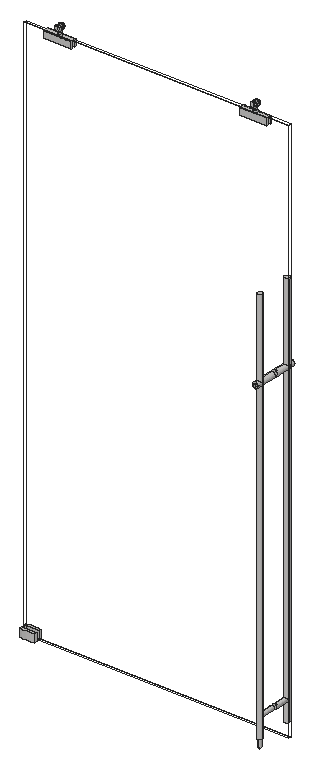
Revit family "Doors_Sliding_Avanti_Systems_Cloud-Assisted-Close-Premium-Sliding-Glass-Door_Soffit-Mount-Dbl-Glazed", category Doors, Revit 2015
Parameters (values of type "Load Family Type Catalog")
  Youtube clip = ""
  Weight Net (Kg) = "0"
  Warranty = "1 year"  # constant formula
  Uniformat II Description = "Interior Doors"
  Uniformat II Code = "C1020"
  Uniclass 2015 Name = "Sliding door and partition sets"
  Uniclass 2015 Code = "Pr_30_59_24_80"
  Uniclass 2.0 Description = "Sliding Door And Partition Sets"
  Uniclass 2.0 Code = "PR-59-23-77"
  Uniclass 1.4 Description = "Doors"
  Uniclass 1.4 Code = "JL20"
  URL = "https://www.avantisystemsusa.com"
  UNSPSC Code = "30171501"
  Type = 3
  Thickness = if(Type = 1, 1/2", if(Type = 2, 3/8", if(Type = 3, 9/16", 9/16")))  # 9/16"
  Technical description = ""
  Sound Rating = 0
  Region South America = "All"
  Region Oceania = "All"
  Region North America = "All"
  Region Middle East = "All"
  Region Europe = "All"
  Region Asia = "All"
  Region Antarctica = "All"
  Region Africa = "All"
  Rail Width [instance] = (Opening Width * 2) + 6 5/16"  # 80 5/16"
  QR code = "http://bimobject.com/avantisystems/product/avanti-cloud-assisted-close"
  Product url = "https://www.avantisystemsusa.com/glass-products/doors/sliding-doors/assisted-close/"
  Product group = "Assisted Close"
  Product family = "Sliding Doors"
  Product data url = "https://bimobject.com/avantisystems/product/avanti-cloud-assisted-close"
  Product certification = ""
  Product SKU = "avanti-cloud-assisted-close"
  Product Guid = "9d9dc9e6-079c-47eb-8ec1-d69015d0589f"
  Opening Width [instance] = 37"
  OmniClass Description = "Sliding All Glass Doors"
  OmniClass Code = "23-17 11 23 13"
  Nominal width = 0"
  Nominal height = 0"
  NBS Reference Description = "Sliding Door And Partition Sets"
  NBS Reference Code = "59-23-77"
  Model = "Cloud ™ Assisted Close Premium Sliding Glass Door"  # constant formula
  Material secondary = "Aluminium"
  Material main = "Glass"
  Masterformat 2014 Description = "Sliding Aluminum-Framed Glass Doors"
  Masterformat 2014 Code = "08 32 13"
  Manufacturer name = "Avanti Systems"
  Manufacturer country = ""
  Manufacturer = "Avanti Systems USA"  # constant formula
  Lock = "Thumb turn floor lock with a key"
  Ladder Pull Height = 18"
  LEED compatibility = "YES"
  Installation instructions = ""
  IFC Classification = "Door"
  Hardware material [instance] = Stainless Steel - Avanti- Brushed Finish
  Handle type [instance] = Handle : 60" Ladder Pull
  Glazing = "Safety Glazing SGCC"
  Glass Width [instance] = 40"
  Glass Material = Glass - Avanti -  Low Iron
  Glass Marker = yes
  Glass Height [instance] = 82.02201"
  Gap Thickness = if(Type = 1, 25/64", if(Type = 2, 33/64", if(Type = 3, 21/64", 21/64")))  # 21/64"
  Function = Interior
  Edition number = 1
  EAN code = ""
  Design country = "United States"
  Description = "Premium automated interior sliding glass door which can be integrated int the Solare Single Glazed, Solare Double Glazed, Elite Frree standing and a solid traditional wall."  # constant formula
  Date of publishing = ""
  Clear Anodic Finish = "AAMA 611, AA-M12c22A31, Class II, 0.01mm or thicker"
  COBIe Type Category = ""
  Brand url = "http://www.avantisystemsusa.com/"
  BIMobject main category code = "doors"
  BIMobject main category = "Doors"
  BIMobject category code = "doors-sliding"
  BIMobject category = "Sliding"
  Analytic Construction = "<None>"
Reference planes (in)
  plane 1 "Center (Front/Back)": y = 0
  plane 2: z = 0
  plane 3 "Center (Left/Right)": x = 3.24894
  plane 4: x = -15.25106
  plane 5: x = 21.74894
  plane 6 "Top": z = 84
  plane 7 "Curtain_wall_center": y = 1.6961
  plane 8 "Curtain_wall_exterior": y = 1.97735
  plane 9 "Curtain_wall_interior": y = 1.41485
  plane 10 "Doors_exterior": y = 2.86798
  plane 11 "Doors_center": y = 2.58673
  plane 12 "Doors_interior": y = 2.30548
  plane 13 "Door_offset_left": x = -16.75106
  plane 14 "Door_offset_right": x = 23.24894
  plane 15 "Handle_placement_top": z = 18
  plane 16 "Handle_placement_level": x = 20.74894
  plane 17: x = -14.76823
  plane 18: z = 0.15191
  plane 19: x = 17.99894
  plane 20: x = -11.50106
  plane 21: z = 42
  plane 22: z = 84.84375
  plane 23: z = 83.01767
Forms (in)
  Extrusion 1, solid, material "Glass - Avanti -  Low Iron" <- "Glass Material"
    sketch origin (0, 0, 0) x (1, 0, 0) y (0, 1, 0)
      loop
        line (-16.75106, 2.86798) -> (-16.75106, 2.30548) -> (23.24894, 2.30548) -> (23.24894, 2.86798) -> (-16.75106, 2.86798)
    from 0.15191 to 83.01767
  Extrusion 2, solid, material "Stainless Steel - Avanti- Brushed Finish" <- "Hardware material"
    sketch origin (0, 0, 0) x (1, 0, 0) y (0, 1, 0)
      loop
        arc (-17.01409, 2.03953) -> (-15.89116, 1.84106) -> (-14.76823, 2.03953) r 3.27594
        line (-14.76823, 2.03953) -> (-14.76823, 3.13392)
        arc (-14.76823, 3.13392) -> (-15.89116, 3.32201) -> (-17.01409, 3.13392) r 3.44603
        line (-17.01409, 3.13392) -> (-17.01409, 2.03953)
    from 0 to 1.21575
  Extrusion 3, void
    sketch origin (3.24894, 0, 0) x (0, 1, 0) y (0, 0, 1)
      loop
        line (2.86798, 1.21575) -> (2.30548, 1.21575) -> (2.30548, 0.15191) -> (2.86798, 0.15191) -> (2.86798, 1.21575)
    from -20.26303 to -18.01717
Cuts and joins
  Extrusion 3 cuts Extrusion 2
Lines and regions (in)
  symbolic lines, style "0"
    curve 1: line (-17.01409, 2.0468, 0) -> (-17.01409, 3.13302, 0)
    curve 2: line (-14.76823, 2.0468, 0) -> (-14.76823, 3.13302, 0)
    curve 3: circle (-16.75106, 2.58673, 0) r 0.22256 normal (0, 0, 1)
    curve 4: circle (-16.75106, 2.58673, 0) r 0.13151 normal (0, 0, 1)
    curve 5: circle (-15.03126, 2.58673, 0) r 0.22256 normal (0, 0, 1)
    curve 6: circle (-15.03126, 2.58673, 0) r 0.13151 normal (0, 0, 1)
    curve 7: arc (-15.42624, 2.21242, 0) -> (-15.29429, 2.58673, 0) -> (-15.42624, 2.96104, 0) r 0.59687
    curve 8: arc (-16.35608, 2.96104, 0) -> (-16.48803, 2.58673, 0) -> (-16.35608, 2.21242, 0) r 0.59687
    curve 9: arc (-14.76823, 3.13302, 0) -> (-15.89116, 3.32201, 0) -> (-17.01409, 3.13302, 0) r 3.43052
    curve 10: line (-14.76823, 2.96104, 0) -> (-17.01409, 2.96104, 0)
    curve 11: line (-14.76823, 2.21242, 0) -> (-17.01409, 2.21242, 0)
    curve 23: arc (-14.76823, 2.0468, 0) -> (-15.89116, 1.84447, 0) -> (-17.01409, 2.0468, 0) r 3.2173
    curve 37: line (-14.76823, 2.30548, 0) -> (23.24894, 2.30548, 0)
    curve 38: line (23.24894, 2.30548, 0) -> (23.24894, 2.86798, 0)
    curve 39: line (-14.76823, 2.86798, 0) -> (23.24894, 2.86798, 0)
    curve 40: line (3.24894, 2.86798, 0.15191) -> (3.24894, 2.86798, 83.01767)
    curve 41: line (3.24894, 2.30548, 0.15191) -> (3.24894, 2.86798, 0.15191)
    curve 42: line (3.24894, 2.30548, 83.01767) -> (3.24894, 2.30548, 0.15191)
    curve 43: line (3.24894, 2.13651, 1.21575) -> (3.24894, 2.30548, 1.21575)
  symbolic lines, style "0", not visible
    curve 12: line (-11.39483, 5.71491, 0) -> (-11.39483, 4.6287, 0)
    curve 13: line (-13.64069, 5.71491, 0) -> (-13.64069, 4.6287, 0)
    curve 14: circle (-11.65786, 5.17499, 0) r 0.22256 normal (0, 0, 1)
    curve 15: circle (-11.65786, 5.17499, 0) r 0.13151 normal (0, 0, 1)
    curve 16: circle (-13.37767, 5.17499, 0) r 0.22256 normal (0, 0, 1)
    curve 17: circle (-13.37767, 5.17499, 0) r 0.13151 normal (0, 0, 1)
    curve 18: arc (-12.98268, 5.5493, 0) -> (-13.11464, 5.17499, 0) -> (-12.98268, 4.80068, 0) r 0.59687
    curve 19: arc (-12.05285, 4.80068, 0) -> (-11.92089, 5.17499, 0) -> (-12.05285, 5.5493, 0) r 0.59687
    curve 20: arc (-13.64069, 4.6287, 0) -> (-12.51776, 4.4397, 0) -> (-11.39483, 4.6287, 0) r 3.43052
    curve 21: line (-13.64069, 4.80068, 0) -> (-11.39483, 4.80068, 0)
    curve 22: line (-13.64069, 5.5493, 0) -> (-11.39483, 5.5493, 0)
    curve 24: arc (-13.64069, 5.71491, 0) -> (-12.51776, 5.91724, 0) -> (-11.39483, 5.71491, 0) r 3.2173
    curve 54: line (-16.48803, 2.58673, 0) -> (-15.73803, 2.58673, 0)
    curve 55: line (-11.92089, 5.17499, 0) -> (-12.67089, 5.17499, 0)
  symbolic lines, style "0", detail levels medium+fine
    curve 25: circle (20.74894, 5.14188, 0) r 0.39445 normal (0, 0, 1)
    curve 26: line (20.43894, 4.89798, 0) -> (20.43894, 2.86798, 0)
    curve 27: line (21.06195, 4.90185, 0) -> (21.06195, 2.86798, 0)
    curve 28: circle (20.74894, 0.03157, 0) r 0.39445 normal (0, 0, -1)
    curve 29: line (20.43894, 0.27547, 0) -> (20.43894, 2.30548, 0)
    curve 30: line (21.06195, 0.2716, 0) -> (21.06195, 2.30548, 0)
  symbolic lines, style "0", not visible, detail levels medium+fine
    curve 31: circle (20.74894, 4.89891, 0) r 0.39445 normal (0, 0, 1)
    curve 32: line (20.43894, 4.65501, 0) -> (20.43894, 2.625, 0)
    curve 33: line (21.06195, 4.65887, 0) -> (21.06195, 2.625, 0)
    curve 34: circle (20.74894, -0.14891, 0) r 0.39445 normal (0, 0, -1)
    curve 35: line (20.43894, 0.09499, 0) -> (20.43894, 2.125, 0)
    curve 36: line (21.06195, 0.09113, 0) -> (21.06195, 2.125, 0)
  symbolic lines, visible <- "Glass Marker"
    curve 44: line (0.42051, -0.24998, 39.17157) -> (6.07737, -0.24998, 44.82843)
    curve 45: line (3.24894, -0.24998, 40.15204) -> (5.0969, -0.24998, 42)
    curve 46: line (1.40098, -0.24998, 42) -> (3.24894, -0.24998, 43.84796)
  symbolic lines, not visible
    curve 47: line (1.40098, 0.25002, 42) -> (5.0969, 0.25002, 42)
    curve 52: line (-1.84534, 0.25002, 22.66367) -> (1.85057, 0.25002, 22.66367)
  model lines, not visible
    curve 48: line (3.24894, 0.25002, 40.15204) -> (3.24894, 0.25002, 43.84796)
    curve 53: line (0.00262, 0.25002, 20.81572) -> (0.00262, 0.25002, 24.51163)
  symbolic lines, visible <- "Glass Marker", not visible
    curve 49: line (-2.82581, -0.24998, 19.83525) -> (2.83104, -0.24998, 25.4921)
    curve 50: line (0.00262, -0.24998, 20.81572) -> (1.85057, -0.24998, 22.66367)
    curve 51: line (-1.84534, -0.24998, 22.66367) -> (0.00262, -0.24998, 24.51163)
Text (in)
  text "Exterior" at (-45.72835, 31.38743, 0), in view "Ref. Level"
Dimensions and locks (in)
  equal spacing: plane 4, plane 3 "Center (Left/Right)", plane 5  (x2)
  equal spacing: plane 8 "Curtain_wall_exterior", plane 7 "Curtain_wall_center", plane 9 "Curtain_wall_interior"
  equal spacing: plane 10 "Doors_exterior", plane 11 "Doors_center", plane 12 "Doors_interior"
  "Gap Thickness": plane 12 "Doors_interior" to plane 8 "Curtain_wall_exterior"
  locked: plane 5 to plane 14 "Door_offset_right" at 1.5
  locked: plane 13 "Door_offset_left" to plane 4 at 1.5
  "Thickness": plane 10 "Doors_exterior" to plane 12 "Doors_interior"
  "Thickness": plane 8 "Curtain_wall_exterior" to plane 9 "Curtain_wall_interior"
  "Ladder Pull Height": plane 2 to plane 15 "Handle_placement_top"
  locked: plane 16 "Handle_placement_level" to plane 14 "Door_offset_right" at 2.5
  equal spacing: plane 13 "Door_offset_left", plane 3 "Center (Left/Right)", plane 14 "Door_offset_right"
  "Opening Width": plane 4 to plane 5
  locked: plane 4 to plane 17 at 0.48283
  locked: plane 16 "Handle_placement_level" to curve 27 at 0.31301
  locked: plane 16 "Handle_placement_level" to curve 30 at 0.31301
  Extrusion 1 to Extrusion 1 = 9/16"
  plane 10 "Doors_exterior" to plane 12 "Doors_interior" = 9/16"
  locked: plane 19 to plane 14 "Door_offset_right" at 5.25
  locked: plane 13 "Door_offset_left" to plane 20 at 5.25
  equal spacing: plane 2, plane 21, plane 6 "Top"
  locked: plane 2 to plane 18 at 0.15191
  "Glass Width": plane 13 "Door_offset_left" to plane 14 "Door_offset_right"
  locked: plane 21 to nested 4 at 7
  locked: plane 6 "Top" to plane 22 at 0.84375
  locked: plane 23 to plane 6 "Top" at 0.98233
  aligned and locked: level to plane 2
  aligned and locked: Extrusion 1 sketch curve to plane 10 "Doors_exterior"
  aligned and locked: Extrusion 1 sketch curve to plane 13 "Door_offset_left"
  aligned and locked: plane 12 "Doors_interior" to Extrusion 1 sketch curve
  aligned and locked: plane 14 "Door_offset_right" to Extrusion 1 sketch curve
  aligned and locked: curve 2 to plane 17
  aligned and locked: plane 10 "Doors_exterior" to curve 27
  aligned and locked: plane 10 "Doors_exterior" to curve 26
  aligned and locked: plane 12 "Doors_interior" to curve 30
  aligned and locked: plane 12 "Doors_interior" to curve 29
  aligned and locked: plane 10 "Doors_exterior" to Extrusion 3 sketch curve
  aligned and locked: Extrusion 3 sketch curve to plane 12 "Doors_interior"
  aligned and locked: Extrusion 2 to Extrusion 3 sketch curve
  aligned and locked: curve 40 to Extrusion 1
  aligned and locked: curve 42 to cut or joined group of Extrusion 2, Extrusion 3
  aligned and locked: cut or joined group of Extrusion 2, Extrusion 3 to curve 43
  aligned and locked: cut or joined group of Extrusion 2, Extrusion 3 to plane 2
  aligned and locked: nested 1 to plane 11 "Doors_center"
  aligned and locked: nested 2 to plane 11 "Doors_center"
  aligned and locked: nested 2 to plane 19
  aligned and locked: nested 1 to plane 20
  aligned and locked: Extrusion 1 to cut or joined group of Extrusion 2, Extrusion 3
  aligned and locked: plane 21 to curve 47
  aligned and locked: plane 3 "Center (Left/Right)" to curve 48
  aligned and locked: plane 3 "Center (Left/Right)" to nested 3
  aligned and locked: plane 18 to Extrusion 1
  aligned and locked: plane 3 "Center (Left/Right)" to nested 4
  aligned and locked: Extrusion 1 to plane 23
  aligned and locked: plane 23 to curve 40
  aligned and locked: plane 23 to curve 42
  aligned and locked: nested 1 to plane 23
  aligned and locked: nested 2 to plane 23
  aligned and locked: curve 54 to plane 11 "Doors_center"
  aligned and locked: plane 16 "Handle_placement_level" to nested 5
  aligned and locked: plane 2 to nested 5
  aligned and locked: plane 10 "Doors_exterior" to nested 5
Automatic sketch dimensions
  curve 37 to plane 12 "Doors_interior" = 0"
  curve 37 to plane 17 = 0"
  curve 39 to plane 10 "Doors_exterior" = 0"
  curve 39 to plane 17 = 0"
  Extrusion 2 sketch curve to plane 17 = 0"
  plane 4 to Extrusion 2 sketch curve = 0.6401"  (x2)
  plane 1 "Center (Front/Back)" to Extrusion 2 sketch curve = 0.12403"
  plane 13 "Door_offset_left" to Extrusion 2 sketch curve = 0.26303"
  Extrusion 2 sketch curve to plane 12 "Doors_interior" = 0.26594"
  plane 10 "Doors_exterior" to Extrusion 2 sketch curve = 0.26594"
  plane 10 "Doors_exterior" to Extrusion 2 sketch curve = 2.24903"
  level to Extrusion 3 sketch curve = 0.15191"
  plane 8 "Curtain_wall_exterior" to curve 43 = 0.15916"
  curve 38 to plane 14 "Door_offset_right" = 0"
  curve 42 to plane 18 = 0"
  curve 3 to curve 4 = 0"  (x3)
  curve 5 to curve 6 = 0"  (x3)
  curve 7 to curve 8 = 0"  (x3)
  curve 10 to curve 6 = 0.26303"
  curve 9 to curve 23 = 1.12293"
  curve 5 to curve 7 = 0.8599"
  curve 2 to curve 9 = 1.12293"
  curve 7 to curve 3 = 0.8599"
  curve 3 to curve 1 = 0.26303"
  curve 23 to curve 2 = 1.92875"
  curve 9 to curve 6 = 0.54629"
  curve 8 to curve 5 = 0"
  curve 9 to curve 4 = 0.54629"
  curve 5 to curve 2 = 0.53992"
  curve 2 to curve 9 = 2.15531"
  curve 5 to curve 7 = 0.39498"  (x2)
  curve 54 to curve 7 = 0.15313"
  curve 8 to curve 3 = 0.39498"
  curve 54 to curve 3 = 0.26303"
  curve 2 to curve 10 = 0.17198"
  curve 3 to curve 54 = 0"
  curve 14 to curve 15 = 0"  (x3)
  curve 16 to curve 17 = 0"  (x3)
  curve 18 to curve 19 = 0"  (x3)
  curve 21 to curve 17 = 0.26303"
  curve 20 to curve 24 = 1.12293"
  curve 16 to curve 18 = 0.8599"
  curve 13 to curve 20 = 1.12293"
  curve 18 to curve 14 = 0.8599"
  curve 14 to curve 12 = 0.26303"
  curve 24 to curve 13 = 1.92875"
  curve 20 to curve 17 = 0.54629"
  curve 19 to curve 16 = 0"
  curve 20 to curve 15 = 0.54629"
  curve 16 to curve 13 = 0.53992"
  curve 13 to curve 20 = 2.15531"
  curve 16 to curve 18 = 0.39498"  (x2)
  curve 55 to curve 18 = 0.15313"
  curve 19 to curve 14 = 0.39498"
  curve 55 to curve 14 = 0.26303"
  curve 13 to curve 21 = 0.17198"
  curve 14 to curve 55 = 0"
  radius of curve 3 = 0.22256"
  radius of curve 4 = 0.13151"
  radius of curve 5 = 0.22256"
  radius of curve 6 = 0.13151"
  radius of curve 14 = 0.22256"
  radius of curve 15 = 0.13151"
  radius of curve 16 = 0.22256"
  radius of curve 17 = 0.13151"
Nested families (in)
  nested 1: "Sidelite Transom Fitting" at (-11.50106, 2.58673, 82.01699), type "Sidelite Transom Fitting"
    with Thickness 9/16", Side Width 0.13086"
  nested 2: "Sidelite Transom Fitting" at (17.99894, 2.58673, 82.01699), type "Sidelite Transom Fitting"
    with Thickness 9/16", Side Width 0.13086"
  nested 3: "Arrow" at (3.24894, 4.86798, 0), type "arrow"
  nested 4: "Arrow" at (3.24894, 0, 49) x (1, 0, 0) z (0, -1, 0), type "arrow"
  nested 5: "Handle" at (22.37394, 4.24298, 38) x (-1, 0, 0) z (0, 1, 0), type <- "Handle type", type "60" Ladder Pull", detail levels medium+fine
    with Locker yes, Thickness 9/16"
Definition of nested family "Sidelite Transom Fitting"
  Parameters (values of type "Sidelite Transom Fitting")
    Thickness = 1/2"
    Side Width = (211/256" - Thickness) / 2  # 0.16211"
    Material = none
  Reference planes (in)
    plane 1 "Center (Front/Back)": y = 0
    plane 2: z = 0
    plane 3 "Center (Left/Right)": x = 0
  Forms (in)
    Revolve 1, solid, material <- "Material"
      sketch origin (0, 0, 2.82565) x (0, 1, 0) y (0, 0, 1)
        loop
          line (-0.45453, -0.75278) -> (-0.2116, -0.75278) -> (-0.2116, -0.40613) -> (-0.29006, -0.32767) -> (-0.34034, -0.32767) -> (-0.45453, -0.37648) -> (-0.45453, -0.75278)
        axis (-0.45453, -0.75278) -> (-0.2116, -0.75278)
      angle from 0 to 360
    Revolve 2, solid, material <- "Material"
      sketch origin (0, 0, 2.82565) x (0, -1, 0) y (0, 0, -1)
        loop
          line (-0.45453, 0.75278) -> (-0.45453, 0.37648) -> (-0.34034, 0.32767) -> (-0.29006, 0.32767) -> (-0.2116, 0.40613) -> (-0.2116, 0.75278) -> (-0.45453, 0.75278)
        axis (-0.45453, 0.75278) -> (-0.2116, 0.75278)
      angle from 0 to 360
    Revolve 3, solid, material <- "Material"
      sketch origin (0, 0, 2.82565) x (0, 1, 0) y (0, 0, 1)
        loop
          line (0, -0.26792) -> (0, -1.78574) -> (0.26651, -1.78574) -> (0.26651, -1.632) -> (0.15099, -1.632) -> (0.15099, -1.34693) -> (0.19488, -1.34693) -> (0.19488, -0.61026) -> (0.29006, -0.61026) -> (0.29006, -0.5191) -> (0.16124, -0.5191) -> (0.16124, -0.27074) -> (0, -0.26792)
        axis (0, -0.26792) -> (0, -1.78574)
      angle from 0 to 360
    Extrusion 4, solid, material <- "Material"
      sketch origin (0, 0, 2.82565) x (0, 1, 0) y (0, 0, 1)
        loop
          line (-0.33427, -1.82608) -> (-0.41211, -1.82608) -> (-0.41211, -2.82565) -> (-0.25, -2.82565) -> (-0.25, -1.82497) -> (0.25, -1.82497) -> (0.25, -2.82565) -> (0.41211, -2.82565) -> (0.41211, -1.82497) -> (0.3052, -1.82497) -> (0.3052, -1.78574) -> (-0.33427, -1.78574) -> (-0.33427, -1.82608)
      from -2.0625 to 2.0625
  Dimensions and locks (in)
    "Side Width": Extrusion 4 to Extrusion 4  (x2)
    locked: Extrusion 4 to plane 1 "Center (Front/Back)" at 0.41211
    aligned and locked: level to plane 2
  Automatic sketch dimensions
    plane 1 "Center (Front/Back)" to Revolve 1 sketch curve = 0.45453"
    Revolve 1 sketch curve to Revolve 1 sketch curve = 0.1142"
    Revolve 1 sketch curve to Revolve 1 sketch curve = 0.05027"
    Revolve 1 sketch curve to Revolve 1 sketch curve = 0.07847"
    level to Revolve 1 sketch curve = 2.07286"
    Revolve 1 sketch curve to Revolve 1 sketch curve = 0.34665"
    Revolve 1 sketch curve to Revolve 1 sketch curve = 0.02966"
    Revolve 1 sketch curve to Revolve 1 sketch curve = 0.04881"
    Revolve 1 sketch curve to Revolve 1 sketch curve = 0"  (x3)
    Revolve 2 sketch curve to plane 1 "Center (Front/Back)" = 0.45453"
    Revolve 2 sketch curve to Revolve 2 sketch curve = 0.1142"
    Revolve 2 sketch curve to Revolve 2 sketch curve = 0.05027"
    Revolve 2 sketch curve to Revolve 2 sketch curve = 0.07847"  (x2)
    level to Revolve 2 sketch curve = 2.49798"
    Revolve 2 sketch curve to Revolve 2 sketch curve = 0.04881"
    Revolve 2 sketch curve to Revolve 2 sketch curve = 0.34665"
    Revolve 2 sketch curve to Revolve 2 sketch curve = 0"  (x3)
    Revolve 3 sketch curve to plane 1 "Center (Front/Back)" = 0"  (x2)
    Revolve 3 sketch curve to plane 1 "Center (Front/Back)" = 0.15099"
    Revolve 3 sketch curve to plane 1 "Center (Front/Back)" = 0.16124"
    Revolve 3 sketch curve to Revolve 3 sketch curve = 0.04389"
    Revolve 3 sketch curve to Revolve 3 sketch curve = 0.11551"
    Revolve 3 sketch curve to Revolve 3 sketch curve = 0.09519"
    level to Revolve 3 sketch curve = 1.03991"
    Revolve 3 sketch curve to Revolve 3 sketch curve = 0.15374"
    Revolve 3 sketch curve to Revolve 3 sketch curve = 0.28507"
    Revolve 3 sketch curve to Revolve 3 sketch curve = 0.73667"
    Revolve 3 sketch curve to Revolve 3 sketch curve = 0.09116"
    Revolve 3 sketch curve to Revolve 3 sketch curve = 0.24836"
    Revolve 3 sketch curve to Revolve 3 sketch curve = 0.00282"
    Revolve 3 sketch curve to level = 75.91451"
    Revolve 3 sketch curve to Revolve 3 sketch curve = 79.00808"
    Extrusion 4 sketch curve to level = 0"  (x2)
    plane 1 "Center (Front/Back)" to Extrusion 4 sketch curve = 0.41211"
    Extrusion 4 sketch curve to Extrusion 4 sketch curve = 0.07784"
    Extrusion 4 sketch curve to Extrusion 4 sketch curve = 0.16211"  (x2)
    Extrusion 4 sketch curve to plane 1 "Center (Front/Back)" = 1/4"
    Extrusion 4 sketch curve to Extrusion 4 sketch curve = 0.0552"
    level to Extrusion 4 sketch curve = 0.99957"
    Extrusion 4 sketch curve to Extrusion 4 sketch curve = 0.00111"
    Extrusion 4 sketch curve to Extrusion 4 sketch curve = 0"
    Extrusion 4 sketch curve to Extrusion 4 sketch curve = 0.04034"
Definition of nested family "Handle"
  Parameters (values of type "48" Ladder Pull")
    Width = 54.28299"
    Type = 3
    Ladder Pool Height = 18"
    Ladder 60" = if(Type = 5, 1 = 1, 1 = 0)  # no
    Ladder = if(Type = 3, 1 = 1, 1 = 0)  # yes
    Thickness = 1/2"
    Panic hardware = if(Type = 4, 1 = 1, 1 = 0)  # no
    Material = none
    Locker [instance] = yes
    Height = 90 9/16"
    Glass door = if(Type = 2, 1 = 1, 1 = 0)  # no
    Framed door = if(Type = 1, 1 = 1, 1 = 0)  # no
    Default Elevation = 48"
  Types (2): name | Type | Ladder 60" | Ladder
    60" Ladder Pull | 5 | yes | no
    48" Ladder Pull | 3 | no | yes
  Reference planes (in)
    plane 1 "Center (Front/Back)": y = 0
    plane 2: z = 0
    plane 3 "Center (Left/Right)": x = 0
    plane 4 "door_up": z = -1.375
    plane 5 "door_down": z = -1.875
    plane 6: z = -3.25
    plane 7: x = -1.25
    plane 8: x = -43.31449
    plane 9: x = -46.03299
    plane 10: x = -43.31449
    plane 11: y = 51.9375
    plane 12: y = 0.625
    plane 13: y = 11.125
    plane 14: y = 52.5625
    plane 15: y = -38
    plane 16: x = -50.15799
    plane 17 "door": x = 4.125
    plane 18: x = 1.625
    plane 19: y = -20
  Forms (in)
    Sweep 1, solid, material <- "Material", visible <- "Panic hardware"
      path origin (0, 0, 0) x (1, 0, 0) y (0, 1, 0)
        loop
          line (-1.25, 51.9375) -> (-1.25, 4.25)
          arc (-1.25, 4.25) -> (-2.12868, 2.12868) -> (-4.25, 1.25) r 3
          line (-4.25, 1.25) -> (-43.31449, 1.25)
      profile origin (-1.25, 28.09375, 0) x (1, 0, 0) y (0, 0, 1)
        loop
          circle (0.625, 0.625) r 0.625
    Sweep 2, solid, material <- "Material", visible <- "Panic hardware"
      path origin (0, 0, 0) x (1, 0, 0) y (0, 0, 1)
        loop
          line (-43.31449, 0) -> (-44.06449, 0)
          arc (-44.06449, 0) -> (-44.57255, -0.21044) -> (-44.78299, -0.7185) r 0.7185
          line (-44.78299, -0.7185) -> (-44.78299, -1.375)
      profile origin (-43.68949, 0, 0) x (0, 0, -1) y (0, -1, 0)
        loop
          circle (-0.625, -0.625) r 0.625
    Sweep 3, solid, material <- "Material", visible <- "Panic hardware"
      path origin (0, 0, -6.75) x (1, 0, 0) y (0, 0, -1)
        loop
          line (-43.31449, -3.5) -> (-44.06449, -3.5)
          arc (-44.06449, -3.5) -> (-44.57255, -3.71044) -> (-44.78299, -4.2185) r 0.7185
          line (-44.78299, -4.2185) -> (-44.78299, -4.875)
      profile origin (-43.68949, 0, -3.25) x (0, 0, -1) y (0, -1, 0)
        loop
          circle (0.625, -0.625) r 0.625
    Sweep 4, solid, material <- "Material", visible <- "Panic hardware"
      path origin (-30, 0, -6.75) x (-1, 0, 0) y (0, 0, -1)
        loop
          line (13.31449, -3.5) -> (-28.0315, -3.5)
          arc (-28.0315, -3.5) -> (-28.53956, -3.71044) -> (-28.75, -4.2185) r 0.7185
          line (-28.75, -4.2185) -> (-28.75, -4.875)
      profile origin (-22.6415, 0, -3.25) x (0, 0, 1) y (0, -1, 0)
        loop
          circle (-0.625, -0.625) r 0.625
  Cuts and joins
    joined: Sweep 1, Sweep 2
    joined: Sweep 3, Sweep 4
  Dimensions and locks (in)
    "Thickness": plane 5 "door_down" to plane 4 "door_up"
    locked: plane 3 "Center (Left/Right)" to plane 7 at 1.25
    locked: plane 9 to plane 8 at 2.7185
    locked: plane 9 to Sweep 3 sketch curve at 1.25
    locked: Sweep 2 sketch curve to plane 9 at 1.25
    locked: plane 10 to plane 9 at 2.7185
    locked: Sweep 1 sketch curve to plane 1 "Center (Front/Back)" at 1.25
    locked: plane 3 "Center (Left/Right)" to nested 1 at 0.125
    locked: plane 4 "door_up" to plane 2 at 1.375
    locked: plane 6 to plane 5 "door_down" at 1.375
    locked: plane 12 to plane 1 "Center (Front/Back)" at 0.625
    locked: plane 13 to plane 12 at 10.5
    locked: plane 14 to plane 11 at 0.625
    "Height": plane 14 to plane 15
    locked: plane 1 "Center (Front/Back)" to plane 15 at 38
    locked: plane 3 "Center (Left/Right)" to plane 17 "door" at 4.125
    "Width": plane 16 to plane 17 "door"
    locked: plane 16 to plane 10 at 6.8435
    locked: plane 18 to plane 17 "door" at 2.5
    "Ladder Pool Height": plane 19 to plane 15
    aligned and locked: level to plane 2
    aligned and locked: plane 4 "door_up" to cut or joined group of Sweep 1, Sweep 2
    aligned and locked: Sweep 2 sketch curve to plane 4 "door_up"
    aligned and locked: Sweep 3 sketch curve to plane 5 "door_down"
    aligned and locked: plane 6 to Sweep 3 sketch curve
    aligned and locked: plane 7 to Sweep 4 sketch curve
    aligned and locked: Sweep 4 sketch curve to plane 6
    aligned and locked: plane 8 to Sweep 4 sketch curve
    aligned and locked: plane 8 to Sweep 3 sketch curve
    aligned and locked: plane 10 to Sweep 2 sketch curve
    aligned and locked: plane 10 to Sweep 1 sketch curve
    aligned and locked: plane 11 to Sweep 1 sketch curve
    aligned and locked: plane 5 "door_down" to Sweep 4 sketch curve
    aligned and locked: nested 1 to plane 4 "door_up"
    aligned and locked: plane 13 to nested 1
    aligned and locked: nested 2 to plane 4 "door_up"
    aligned and locked: plane 3 "Center (Left/Right)" to nested 2
    aligned and locked: nested 2 to plane 11
    aligned and locked: nested 2 to plane 14
    aligned and locked: plane 18 to nested 3
    aligned and locked: plane 1 "Center (Front/Back)" to nested 3
    aligned and locked: nested 4 to plane 18
    aligned and locked: nested 4 to plane 1 "Center (Front/Back)"
    aligned and locked: nested 5 to plane 4 "door_up"
    aligned and locked: nested 5 to plane 17 "door"
    aligned and locked: nested 5 to plane 1 "Center (Front/Back)"
    aligned and locked: nested 6 to plane 4 "door_up"
    aligned and locked: plane 5 "door_down" to nested 7
    aligned and locked: nested 7 to plane 19
    aligned and locked: plane 19 to nested 6
    aligned and locked: nested 6 to plane 18
    aligned and locked: nested 7 to plane 18
    aligned and locked: plane 4 "door_up" to nested 8
    aligned and locked: plane 15 to nested 8
    aligned and locked: plane 5 "door_down" to nested 9
    aligned and locked: nested 9 to plane 15
    aligned and locked: plane 18 to nested 8
    aligned and locked: plane 18 to nested 9
  Nested families (in)
    nested 1: "Family2" at (-1.125, 11.125, 0.22234), visible <- "Panic hardware", type "Family2"
      with Lock yes
    nested 2: "Family3" at (-0.26102, 51.9375, -1.63602), visible <- "Panic hardware", type "Family3"
      with Thickness 1/2"
    nested 3: "Handle Timber" at (1.625, 0, -1.875), Locker <- "Locker", visible <- "Framed door", type "Handle Timber"
      with Locker yes
    nested 4: "Handle Timber" at (1.625, 0, -1.375) x (1, 0, 0) z (0, 0, -1), Locker <- "Locker", visible <- "Framed door", type "Handle Timber"
      with Locker yes
    nested 5: "Hinged Framed Swing locker" at (3.22214, -1.5625, -5.625), Handle and assembly material <- "Material", visible <- "Glass door", type "Hinged Framed Swing locker"
      with Handle and assembly material none
    nested 6: "Handle_For-Glass_Rounded_600mm" at (1.625, 13.36577, -1.375) x (-1, 0, 0) z (0, 0, -1), Handle Material <- "Material", visible <- "Ladder", type "Handle_For-Glass_Rounded_600mm"
      with Handle Material none, Handle Height 48"
    nested 7: "Handle_For-Glass_Rounded_600mm" at (1.625, -5.36577, -1.875) x (-1, 0, 0) z (0, 0, 1), Handle Material <- "Material", visible <- "Ladder", type "Handle_For-Glass_Rounded_600mm"
      with Handle Material none, Handle Height 48"
    nested 8: "Handle_For-Glass_Rounded_60in" at (1.625, 2.47039, -1.375), visible <- "Ladder 60"", Handle Material <- "Material", type "60""
      with No locker yes, Locker no, Handle Material none, Handle Height 60"
    nested 9: "Handle_For-Glass_Rounded_60in2" at (1.625, 2.47039, -1.875), visible <- "Ladder 60"", Handle Material <- "Material", type "60""
      with No locker no, Locker yes, Handle Material none, Handle Height 60"
  Definition of nested family "Family2"
    Parameters (values of type "Family2")
      Thickness = 1/2"
      Material = none
      Lock = no
    Reference planes (in)
      plane 1 "Center (Front/Back)": y = 0
      plane 2: z = 0
      plane 3 "Center (Left/Right)": x = 0
      plane 4: z = -2.09734
      plane 5: z = -1.59734
    Forms (in)
      Extrusion 1, solid, material <- "Material"
        sketch origin (0, 0, 0) x (0, 1, 0) y (0, 0, 1)
          loop
            line (5.04078, -0.345) -> (5.04078, 0) -> (-2.39922, 0) -> (-2.39922, -0.345) -> (5.04078, -0.345)
        from 0 to 1
      Extrusion 2, solid, material <- "Material"
        sketch origin (0, 0, 0) x (0, 1, 0) y (0, 0, 1)
          loop
            line (-0.3074, -0.345) -> (-1.4374, -0.345) -> (-1.4374, -1.31734) -> (-0.3074, -1.31734) -> (-0.3074, -0.345)
        from 0.32565 to 0.66353
      Extrusion 3, solid, material <- "Material"
        sketch origin (0, 0, 0) x (0, 1, 0) y (0, 0, 1)
          loop
            line (-1.4374, -1.31734) -> (-1.4374, -1.59734) -> (1.43807, -1.59734) -> (1.43807, -1.31734) -> (-1.4374, -1.31734)
          loop
            line (1.45803, -2.09734) -> (-1.41697, -2.09734) -> (-1.41697, -3.82961)
            arc (-1.41697, -3.82961) -> (-1.36191, -3.96254) -> (-1.22897, -4.01761) r 0.188
            line (-1.22897, -4.01761) -> (1.27003, -4.01761)
            arc (1.27003, -4.01761) -> (1.40297, -3.96254) -> (1.45803, -3.82961) r 0.188
            line (1.45803, -3.82961) -> (1.45803, -2.09734)
        from 0 to 1
      Extrusion 4, solid, material <- "Material"
        sketch origin (0, 0, 0) x (0, 1, 0) y (0, 0, 1)
          loop
            arc (-3.2641, -0.65221) -> (-3.242, -0.64306) -> (-3.23285, -0.62096) r 0.03125
            line (-3.23285, -0.62096) -> (-3.23285, 0) -> (-3.4516, 0) -> (-3.4516, -0.62096)
            arc (-3.4516, -0.62096) -> (-3.44244, -0.64306) -> (-3.42035, -0.65221) r 0.03125
            line (-3.42035, -0.65221) -> (-3.2641, -0.65221)
        from 0.32565 to 0.66353
      Extrusion 5, solid, material <- "Material", visible <- "Lock"
        sketch origin (1, 0, 0) x (0, 1, 0) y (0, 0, 1)
          loop
            circle (0.20853, -3.12734) r 0.58
          loop
            circle (0.20853, -3.12734) r 0.5625
          loop
            circle (-0.07272, -3.12734) r 0.22671
        from 0 to 0.25
      Extrusion 6, solid, material <- "Material", visible <- "Lock"
        sketch origin (1, 0, 0) x (0, 1, 0) y (0, 0, 1)
          loop
            circle (0.20853, -3.12734) r 0.5625
        from 0 to 0.20472
      Extrusion 7, solid, material <- "Material", visible <- "Lock", not visible
        sketch origin (1, 0, 0) x (0, 1, 0) y (0, 0, 1)
          loop
            circle (0.20853, -3.12734) r 0.58
          loop
            circle (0.20853, -3.12734) r 0.5625
          loop
            circle (-0.07272, -3.12734) r 0.22671
        from 0 to 0.25
      Extrusion 8, solid, material <- "Material", visible <- "Lock", not visible
        sketch origin (1, 0, 0) x (0, 1, 0) y (0, 0, 1)
          loop
            circle (0.20853, -3.12734) r 0.5625
        from 0 to 0.20472
    Lines and regions (in)
      model lines, not visible
        curve 1: line (0, -0.35397, -3.12734) -> (0, 0.39603, -3.12734)
        curve 2: line (0, -0.35397, -3.12734) -> (0, 0.39603, -3.12734)
    Dimensions and locks (in)
      "Thickness": plane 4 to plane 5
      locked: plane 5 to plane 2 at 1.59734
      aligned and locked: level to plane 2
      aligned and locked: plane 5 to Extrusion 3 sketch curve
      aligned and locked: Extrusion 3 sketch curve to Extrusion 2
      aligned and locked: Extrusion 3 sketch curve to plane 4
  Definition of nested family "Family3"
    Parameters (values of type "Family3")
      Thickness = 0.50125"
      Material = none
    Reference planes (in)
      plane 1 "Center (Front/Back)": y = 0
      plane 2: z = 0
      plane 3 "Center (Left/Right)": x = 0
      plane 4: z = 0.26102
      plane 5: z = -0.24023
    Forms (in)
      Extrusion 1, solid, material <- "Material"
        sketch origin (-0.98898, 0.625, 0.26102) x (0, 0, -1) y (0, 1, 0)
          loop
            line (-0.28125, 0.125) -> (-0.28125, -2.375) -> (0, -2.375) -> (0, 0) -> (0.50125, 0) -> (0.50125, -2.37518) -> (0.78125, -2.37518) -> (0.78125, 0.125) -> (-0.28125, 0.125)
        from 0 to 1.25
      Revolve 2, solid, material <- "Material"
        sketch origin (-0.36398, 0.615, 0.26102) x (0, 0, -1) y (0, 1, 0)
          loop
            line (-0.28125, -0.615) -> (-1.5092, -0.615) -> (-1.5092, -0.995) -> (-0.28125, -0.995) -> (-0.28125, -0.615)
          axis (-1.5092, -0.995) -> (-0.28125, -0.995)
        angle from 0 to 360
    Dimensions and locks (in)
      "Thickness": plane 4 to plane 5
      locked: Extrusion 1 to plane 4 at 0.28125
      locked: plane 5 to Extrusion 1 at 0.28
      aligned and locked: level to plane 2
      aligned and locked: Extrusion 1 to plane 4
      aligned and locked: plane 5 to Extrusion 1
  Definition of nested family "Handle Timber"
    Parameters (values of type "Handle Timber")
      Locker [instance] = yes
      Handle material = none
      Default Elevation = 48"
    Reference planes (in)
      plane 1 "Center (Front/Back)": y = 0
      plane 2: z = 0
      plane 3 "Center (Left/Right)": x = 0
    Forms (in)
      Extrusion 1, solid, material <- "Handle material"
        sketch origin (0, 0.00944, 0.00975) x (-1, 0, 0) y (0, -1, 0.00026)
          loop
            line (0.82036, -6.01526) -> (0.82036, -4.11121)
            arc (0.82036, -4.11121) -> (0, -3.29085) -> (-0.82036, -4.11121) r 0.82036
            line (-0.82036, -4.11121) -> (-0.82036, -6.01526)
            arc (-0.82036, -6.01526) -> (0, -6.83563) -> (0.82036, -6.01526) r 0.82036
          loop
            line (0.82036, -0.95129) -> (0.82036, 0.95276)
            arc (0.82036, 0.95276) -> (0, 1.77313) -> (-0.82036, 0.95276) r 0.82036
            line (-0.82036, 0.95276) -> (-0.82036, -0.95129)
            arc (-0.82036, -0.95129) -> (0, -1.77165) -> (0.82036, -0.95129) r 0.82036
        from -0.36 to -0.00798
      Sweep 2, solid, material <- "Handle material"
        path origin (0, 0.00944, 0.00975) x (-1, 0, 0) y (0, 0.00026, 1)
          loop
            line (0.00372, -0.36) -> (0.00372, -2.13165)
            arc (0.00372, -2.13165) -> (0.19244, -2.58727) -> (0.64805, -2.77599) r 0.64433
            line (0.64805, -2.77599) -> (4.19136, -2.77599)
            arc (4.19136, -2.77599) -> (4.78191, -2.53137) -> (5.02652, -1.94082) r 0.83517
            line (5.02652, -1.94082) -> (5.02652, -0.63757)
        profile origin (-0.00372, 0.00911, -1.23607) x (-1, 0, 0) y (0, 1, -0.00026)
          loop
            circle (0, 0) r 0.3937
      Extrusion 3, solid, material <- "Handle material", visible <- "Locker"
        sketch origin (0, 0.00944, 0.00975) x (-1, 0, 0) y (0, -1, 0.00026)
          loop
            line (0.82009, 4.11958) -> (0.82408, 6.02363)
            arc (0.82408, 6.02363) -> (0.00543, 6.84571) -> (-0.81665, 6.02706) r 0.82036
            line (-0.81665, 6.02706) -> (-0.82063, 4.12301)
            arc (-0.82063, 4.12301) -> (-0.00199, 3.30093) -> (0.82009, 4.11958) r 0.82036
        from -0.36 to -0.01061
    Lines and regions (in)
      reference lines
        curve 1: line (0, 6.84506, 0) -> (0, -6.83627, 0)
        curve 2: line (-5.42022, 0.00893, 0) -> (0.82036, 0.00893, 0)
    Dimensions and locks (in)
      aligned and locked: level to plane 2
  Definition of nested family "Hinged Framed Swing locker"
    Parameters (values of type "Hinged Framed Swing locker")
      Thickness = 1/2"
      Lock = yes
      Handle and assembly material [instance] = none
    Reference planes (in)
      plane 1 "Center (Front/Back)": y = 0
      plane 2: z = 0
      plane 3 "Center (Left/Right)": x = 0
      plane 4: y = 0.59375
      plane 5: y = -0.59375
      plane 6: x = -1
      plane 7: x = 1
      plane 8: y = 0.25
      plane 9: y = -0.25
      plane 10: x = 1.5
      plane 11: z = 8
      plane 12: z = 4.6875
      plane 13: z = 3.6875
      plane 14: z = 3.125
      plane 15: x = 1.38539
      plane 16: z = 2.79297
      plane 17: y = 0.25
      plane 18: y = -0.25
      plane 19: x = 0.90286
      plane 20: z = 6.0625
      plane 21: y = -0.84375
      plane 22: y = -0.80275
      plane 23 "handle_center": z = 2.4375
      plane 24: x = -4.375
      plane 25: y = -1.23355
      plane 26: z = 2.69544
      plane 27: z = 2.17956
      plane 28: y = -2.05222
      plane 29: y = -2.71875
      plane 30: z = 2.69544
      plane 31: z = 2.17956
      plane 32: z = 4.25
      plane 33: z = 3.75
      plane 34: z = 4
    Forms (in)
      Extrusion 1, solid, material <- "Handle and assembly material"
        sketch origin (0, -4, 4) x (1, 0, 0) y (0, 0, -1)
          loop
            line (-1, 0.59375) -> (-1, 0.25) -> (0.90286, 0.25) -> (0.90286, -0.25) -> (-1, -0.25) -> (-1, -0.59375) -> (1, -0.59375) -> (1, 0.59375) -> (-1, 0.59375)
        from 0 to 8
      Extrusion 2, solid, material <- "Handle and assembly material", detail levels fine
        sketch origin (0, -4, 4) x (1, 0, 0) y (0, 0, -1)
          loop
            line (1, 0.25) -> (1, -0.25)
            arc (1, -0.25) -> (1.27121, -0.02121) -> (1.5, 0.25) r 2.09856
            line (1.5, 0.25) -> (1, 0.25)
        from 3.6875 to 4.6875
      Extrusion 3, solid, material <- "Handle and assembly material", detail levels fine
        sketch origin (0, -4, 4) x (1, 0, 0) y (0, 0, -1)
          loop
            line (1, 0.25) -> (1, -0.25)
            arc (1, -0.25) -> (1.0598, -0.20427) -> (1.0921, -0.13627) r 0.16012
            arc (1.0921, -0.13627) -> (1.11202, -0.10046) -> (1.14874, -0.08227) r 0.06897
            line (1.14874, -0.08227) -> (1.30312, -0.08227)
            arc (1.30312, -0.08227) -> (1.36129, -0.05818) -> (1.38539, 0) r 0.08227
            arc (1.38539, 0) -> (1.36129, 0.05818) -> (1.30312, 0.08227) r 0.08227
            line (1.30312, 0.08227) -> (1.14874, 0.08227)
            arc (1.14874, 0.08227) -> (1.11202, 0.10046) -> (1.0921, 0.13627) r 0.06897
            arc (1.0921, 0.13627) -> (1.0598, 0.20427) -> (1, 0.25) r 0.16012
        from 2.79297 to 3.125
      Extrusion 4, solid, material <- "Handle and assembly material", visible <- "Lock", detail levels medium+fine
        sketch origin (1, -4, 4.59375) x (-1, 0, 0) y (0, -1, 0)
          loop
            circle (1, -6.0625) r 0.63654
          loop
            circle (1, -6.0625) r 0.60041
        from 0 to 0.25
      Extrusion 5, solid, material <- "Handle and assembly material", visible <- "Lock", detail levels medium+fine
        sketch origin (1, -4, 4.59375) x (-1, 0, 0) y (0, -1, 0)
          loop
            circle (1, -6.0625) r 0.60041
        from 0 to 0.209
      Blend 6, solid, material <- "Handle and assembly material", visible <- "Lock", detail levels fine
        base sketch origin (1, -4, 4.80275) x (-1, 0, 0) y (0, -1, 0)
          loop
            circle (1, -5.84645) r 0.21605
        top sketch origin (1, -4, 4.80275) x (-1, 0, 0) y (0, -1, 0)
          loop
            circle (1, -5.84645) r 0.19257
        from 0 to 0.041
      Extrusion 7, solid, material <- "Handle and assembly material"
        sketch origin (1, -4, 4.59375) x (-1, 0, 0) y (0, -1, 0)
          loop
            circle (1, -2.4375) r 0.35547
        from 0 to 1.45847
      Extrusion 8, void
        sketch origin (0.04357, -4.04543, 4) x (0, 0, -1) y (-0.017452, 0.999848, 0)
          loop
            line (-1.23355, 2.79297) -> (-1.23355, 2.90667) -> (-2.86779, 2.90667) -> (-2.86779, 2.69544) -> (-1.36779, 2.69544)
            arc (-1.36779, 2.69544) -> (-1.28242, 2.71908) -> (-1.23355, 2.79297) r 0.12635
        from -3.60215 to 0.49573
      Extrusion 9, solid, material <- "Handle and assembly material"
        sketch origin (1, -4, 4.59375) x (-1, 0, 0) y (0, -1, 0)
          loop
            arc (0.71851, -2.22043) -> (0.66353, -2.32283) -> (0.64453, -2.4375) r 0.35547
            arc (0.64453, -2.4375) -> (0.66353, -2.55217) -> (0.71851, -2.65457) r 0.35547
            line (0.71851, -2.65457) -> (5.3098, -2.57443) -> (5.375, -2.50923) -> (5.375, -2.36577) -> (5.3098, -2.30057) -> (0.71851, -2.22043)
        from 1.45847 to 2.125
      Extrusion 10, void
        sketch origin (0.04357, 0.92043, 4) x (0, 0, -1) y (0.017452, 0.999848, 0)
          loop
            arc (-1.23355, -2.79297) -> (-1.28242, -2.71908) -> (-1.36779, -2.69544) r 0.12635
            line (-1.36779, -2.69544) -> (-2.86779, -2.69544) -> (-2.86779, -2.90667) -> (-1.23355, -2.90667) -> (-1.23355, -2.79297)
        from -3.60215 to 0.49573
      Extrusion 11, solid, material <- "Handle and assembly material"
        sketch origin (1, -4, 3.40625) x (0, 1, 0) y (1, 0, 0)
          loop
            circle (2.4375, -1) r 0.35547
        from 0 to 1.45847
      Extrusion 12, void
        sketch origin (0.04357, -4.04543, 4) x (0, 0, 1) y (0.017452, -0.999848, 0)
          loop
            arc (-1.23355, -2.79297) -> (-1.28242, -2.71908) -> (-1.36779, -2.69544) r 0.12635
            line (-1.36779, -2.69544) -> (-2.86779, -2.69544) -> (-2.86779, -2.90667) -> (-1.23355, -2.90667) -> (-1.23355, -2.79297)
        from -3.60215 to 0.49573
      Extrusion 13, solid, material <- "Handle and assembly material"
        sketch origin (1, -4, 3.40625) x (0, 1, 0) y (1, 0, 0)
          loop
            line (2.22043, -0.71851) -> (2.30057, -5.3098) -> (2.36577, -5.375) -> (2.50923, -5.375) -> (2.57443, -5.3098) -> (2.65457, -0.71851)
            arc (2.65457, -0.71851) -> (2.55217, -0.66353) -> (2.4375, -0.64453) r 0.35547
            arc (2.4375, -0.64453) -> (2.32283, -0.66353) -> (2.22043, -0.71851) r 0.35547
        from 1.45847 to 2.125
      Extrusion 14, void
        sketch origin (0.04357, 0.92043, 4) x (0, 0, 1) y (-0.017452, -0.999848, 0)
          loop
            line (-1.23355, 2.79297) -> (-1.23355, 2.90667) -> (-2.86779, 2.90667) -> (-2.86779, 2.69544) -> (-1.36779, 2.69544)
            arc (-1.36779, 2.69544) -> (-1.28242, 2.71908) -> (-1.23355, 2.79297) r 0.12635
        from -3.60215 to 0.49573
    Cuts and joins
      Extrusion 8, Extrusion 10, Extrusion 12, Extrusion 14 cuts Extrusion 7
      Extrusion 10, Extrusion 12, Extrusion 14 cuts Extrusion 9
      joined: Extrusion 7, Extrusion 9
      Extrusion 12, Extrusion 14 cuts Extrusion 11
      Extrusion 12 cuts Extrusion 13
      joined: Extrusion 11, Extrusion 13
    Lines and regions (in)
      reference lines
        curve 1: line (0.35547, -1.5625, 0) -> (-4.39453, -1.5625, 0)
    Dimensions and locks (in)
      plane 4 to plane 5 = 1 3/16"
      plane 6 to plane 7 = 2"
      plane 11 to plane 2 = 8"
      plane 11 to plane 12 to plane 13 to plane 14 to plane 16 = 3 5/16" locked, 1" locked, 9/16" locked, 85/256" locked
      equal spacing: plane 17, plane 1 "Center (Front/Back)", plane 18
      "Thickness": plane 17 to plane 18
      locked: plane 19 to plane 7 at 0.09714
      locked: plane 15 to plane 10 at 0.11461
      equal spacing: plane 6, plane 3 "Center (Left/Right)", plane 7
      locked: plane 11 to plane 20 at 1.9375
      locked: plane 5 to plane 21 at 0.25
      locked: plane 22 to plane 21 at 0.041
      locked: plane 11 to plane 23 "handle_center" at 5.5625
      locked: plane 24 to plane 7 at 5.375
      locked: plane 5 to plane 29 at 2.125
      "Thickness": plane 32 to plane 33
      locked: Extrusion 1 to plane 32 at 0.34375
      locked: plane 33 to Extrusion 1 at 0.34375
      aligned and locked: level to plane 2
      aligned and locked: Extrusion 1 sketch curve to plane 6  (x2)
      aligned and locked: plane 7 to Extrusion 1 sketch curve
      aligned and locked: plane 7 to Extrusion 3 sketch curve  (x2)
      aligned and locked: plane 15 to Extrusion 3 sketch curve
      aligned and locked: plane 7 to Extrusion 2 sketch curve  (x2)
      aligned and locked: plane 10 to Extrusion 2 sketch curve
      aligned and locked: plane 19 to Extrusion 1 sketch curve
      aligned and locked: Extrusion 1 to plane 32
      aligned and locked: plane 33 to Extrusion 1
    Automatic sketch dimensions
      Extrusion 1 sketch curve to plane 12 = 3/32"
      Extrusion 1 sketch curve to Extrusion 1 sketch curve = 11/32"
      plane 13 to Extrusion 1 sketch curve = 1/16"
      Extrusion 1 sketch curve to plane 13 = 9/32"
      plane 23 "handle_center" to Extrusion 2 sketch curve = 0.09981"
      Extrusion 2 sketch curve to plane 3 "Center (Left/Right)" = 0.21269"
      plane 13 to Extrusion 2 sketch curve = 1/16"
      Extrusion 3 sketch curve to Extrusion 3 sketch curve = 0"  (x2)
      plane 19 to Extrusion 3 sketch curve = 0.0325"  (x2)
      Extrusion 3 sketch curve to plane 7 = 0.14874"  (x2)
      Extrusion 3 sketch curve to Extrusion 3 sketch curve = 0.01087"  (x2)
      Extrusion 3 sketch curve to Extrusion 3 sketch curve = 0.08227"
      Extrusion 3 sketch curve to plane 12 = 7/16"
      Extrusion 3 sketch curve to Extrusion 3 sketch curve = 0.09962"
      Extrusion 3 sketch curve to Extrusion 3 sketch curve = 0.1465"
      Extrusion 3 sketch curve to Extrusion 3 sketch curve = 0.06811"  (x2)
      Extrusion 3 sketch curve to Extrusion 3 sketch curve = 0.20701"
      plane 13 to Extrusion 3 sketch curve = 1/16"
      Extrusion 4 sketch curve to Extrusion 4 sketch curve = 0"  (x2)
      Extrusion 4 sketch curve to Extrusion 1 = 1"
      Extrusion 1 to Extrusion 4 sketch curve = 1 15/16"
      Extrusion 5 sketch curve to Extrusion 1 = 1"
      Extrusion 1 to Extrusion 5 sketch curve = 1 15/16"
      Extrusion 7 sketch curve to plane 3 "Center (Left/Right)" = 0"
      plane 25 to Extrusion 7 sketch curve = 0.32895"
      plane 20 to Extrusion 8 sketch curve = 0.80529"
      plane 12 to Extrusion 8 sketch curve = 0.68029"
      Extrusion 8 sketch curve to Extrusion 8 sketch curve = 0.0111"
      Extrusion 8 sketch curve to Extrusion 8 sketch curve = 0.12313"
      Extrusion 8 sketch curve to Extrusion 8 sketch curve = 0.09753"
      Extrusion 8 sketch curve to Extrusion 8 sketch curve = 0.1137"
      Extrusion 9 sketch curve to Extrusion 9 sketch curve = 0"  (x4)
      Extrusion 9 sketch curve to Extrusion 1 = 0.71851"
      Extrusion 9 sketch curve to Extrusion 9 sketch curve = 0.28149"
      Extrusion 1 to Extrusion 9 sketch curve = 3.3098"
      Extrusion 9 sketch curve to Extrusion 9 sketch curve = 0.0652"  (x3)
      Extrusion 1 to Extrusion 9 sketch curve = 2.65457"
      Extrusion 1 to Extrusion 9 sketch curve = 2.57443"
      Extrusion 9 sketch curve to Extrusion 9 sketch curve = 0.21707"
      Extrusion 9 sketch curve to Extrusion 9 sketch curve = 0.14346"
      plane 20 to Extrusion 10 sketch curve = 0.80529"
      plane 12 to Extrusion 10 sketch curve = 0.68029"
      Extrusion 10 sketch curve to Extrusion 10 sketch curve = 0.0111"
      Extrusion 10 sketch curve to Extrusion 10 sketch curve = 0.12313"
      Extrusion 10 sketch curve to Extrusion 10 sketch curve = 0.08537"
      Extrusion 10 sketch curve to Extrusion 10 sketch curve = 0.1137"
      Extrusion 11 sketch curve to plane 3 "Center (Left/Right)" = 0"
      plane 25 to Extrusion 11 sketch curve = 0.32895"
      plane 27 to Extrusion 12 sketch curve = 1.04735"
      Extrusion 12 sketch curve to plane 26 = 0.06323"
      Extrusion 12 sketch curve to plane 26 = 0.05213"
      Extrusion 12 sketch curve to plane 16 = 0.02652"
      Extrusion 12 sketch curve to Extrusion 12 sketch curve = 0.08537"
      Extrusion 12 sketch curve to Extrusion 12 sketch curve = 0.1137"
      Extrusion 13 sketch curve to Extrusion 13 sketch curve = 0"  (x2)
      Extrusion 13 sketch curve to plane 24 = 0"
      Extrusion 13 sketch curve to plane 3 "Center (Left/Right)" = 0"
      plane 28 to Extrusion 13 sketch curve = 0.27265"
      Extrusion 13 sketch curve to plane 24 = 0.0652"  (x2)
      plane 28 to Extrusion 13 sketch curve = 0.35279"
      Extrusion 13 sketch curve to Extrusion 13 sketch curve = 0.0652"  (x2)
      plane 25 to Extrusion 13 sketch curve = 0.32895"
      Extrusion 13 sketch curve to Extrusion 13 sketch curve = 0.14346"
      plane 25 to Extrusion 13 sketch curve = 0.11187"
      plane 3 "Center (Left/Right)" to Extrusion 13 sketch curve = 0.28149"
      plane 27 to Extrusion 14 sketch curve = 1.04735"
      Extrusion 14 sketch curve to plane 26 = 0.06323"
      Extrusion 14 sketch curve to plane 26 = 0.05213"
      Extrusion 14 sketch curve to plane 16 = 0.02652"
      Extrusion 14 sketch curve to Extrusion 14 sketch curve = 0.09753"
      Extrusion 14 sketch curve to Extrusion 14 sketch curve = 0.1137"
      plane 24 to curve 1 = 5/256"
      plane 25 to curve 1 = 0.32895"
      plane 3 "Center (Left/Right)" to curve 1 = 91/256"
      radius of Extrusion 4 sketch curve = 0.63654"
      radius of Extrusion 4 sketch curve = 0.60041"
      radius of Extrusion 5 sketch curve = 0.60041"
      radius of Blend 6 sketch curve = 0.21605"
      radius of Blend 6 sketch curve = 0.19257"
      radius of Extrusion 7 sketch curve = 91/256"
      radius of Extrusion 11 sketch curve = 91/256"
  Definition of nested family "Handle_For-Glass_Rounded_600mm"
    Parameters (values of type "Handle_For-Glass_Rounded_600mm")
      Handle Material [instance] = none
      Handle Height [instance] = 48"  # constant formula
      Default Elevation = 48"
    Reference planes (in)
      plane 1 "Center (Front/Back)": y = 0
      plane 2: z = 26.93599
      plane 3 "Center (Left/Right)": x = 0
      plane 4: z = 0
      plane 5: z = -2.66749
      plane 6: y = -28.44876
      plane 7: y = 14.63423
      plane 8: y = -33.36577
    Forms (in)
      Sweep 1, solid, material <- "Handle Material"
        path origin (0, -17.24158, 0) x (0, 0, 1) y (0, -1, 0)
          loop
            line (-2.10925, 11.20718) -> (0, 11.20718)
        profile origin (0, -28.44876, 0) x (0, -1, 0) y (1, 0, 0)
          loop
            circle (0, 0) r 0.3125
      Sweep 2, solid, material <- "Handle Material"
        path origin (0, 10.76459, 0) x (0, 0, 1) y (0, -1, 0)
          loop
            line (-2.30394, 1.07019) -> (0, 1.07019)
        profile origin (0, 9.69441, 0) x (0, -1, 0) y (1, 0, 0)
          loop
            circle (0, 0) r 0.3125
      Extrusion 3, solid, material <- "Handle Material"
        sketch origin (0, -17.24158, 0) x (1, 0, 0) y (0, 0, -1)
          loop
            circle (0, 2.27257) r 0.39445
        from -16.12419 to 31.87581
    Dimensions and locks (in)
      locked: plane 8 to plane 6 at 4.91701
      "Handle Height": plane 7 to plane 8
      aligned and locked: plane 7 to Extrusion 3
      aligned and locked: Extrusion 3 to plane 8
  Definition of nested family "Handle_For-Glass_Rounded_60in"
    Parameters (values of type "60"")
      No locker [instance] = yes
      Locker [instance] = yes
      Handle Material [instance] = none
      Handle Height [instance] = 60"  # constant formula
    Reference planes (in)
      plane 1 "Center (Front/Back)": y = 0
      plane 2: z = 19.87581
      plane 3 "Center (Left/Right)": x = 0
      plane 4: z = 2.66749
      plane 5: y = -36.97039
      plane 6: z = 0
      plane 7: y = 20.02961
      plane 8: y = -39.97039
    Forms (in)
      Sweep 1, solid, material <- "Handle Material"
        path origin (0, -11.8462, 0) x (0, 0, -1) y (0, 1, 0)
          loop
            line (-2.10925, -25.12419) -> (0, -25.12419)
        profile origin (0, -36.97039, 0) x (1, 0, 0) y (0, 1, 0)
          loop
            circle (0, 0) r 0.3125
      Sweep 2, solid, material <- "Handle Material"
        path origin (0, 16.15997, 0) x (0, 0, -1) y (0, 1, 0)
          loop
            line (-3.10757, -8.13036) -> (0, -8.13036)
        profile origin (0, 8.02961, 0) x (1, 0, 0) y (0, 1, 0)
          loop
            circle (0, 0) r 0.4375
      Extrusion 3, solid, material <- "Handle Material"
        sketch origin (0, -11.8462, 0) x (1, 0, 0) y (0, 0, -1)
          loop
            circle (0, -2.27257) r 0.39445
        from -28.12419 to 31.87581
      Revolve 4, solid, material <- "Handle Material"
        sketch origin (0, -11.8462, 0) x (0, 0, -1) y (0, 1, 0)
          loop
            line (-3.10757, 20.0489) -> (-3.19084, 20.0489) -> (-3.19084, 19.87581) -> (-3.10757, 19.87581) -> (-3.10757, 20.0489)
          axis (-3.10757, 19.87581) -> (-3.19084, 19.87581)
        angle from 0 to 360
      Extrusion 5, solid, material <- "Handle Material", visible <- "Locker"
        sketch origin (0, -11.8462, 0) x (0, 0, -1) y (0, 1, 0)
          loop
            line (-3.19084, 19.98905) -> (-3.34908, 19.98905)
            arc (-3.34908, 19.98905) -> (-3.37904, 19.97664) -> (-3.39145, 19.94668) r 0.04237
            line (-3.39145, 19.94668) -> (-3.39145, 19.80495)
            arc (-3.39145, 19.80495) -> (-3.37904, 19.77499) -> (-3.34908, 19.76258) r 0.04237
            line (-3.34908, 19.76258) -> (-3.19084, 19.76258) -> (-3.19084, 19.98905)
        from -0.03592 to 0.03621
      Revolve 6, solid, material <- "Handle Material", visible <- "No locker"
        sketch origin (0, -11.62359, 0) x (0, 0, -1) y (0, 1, 0)
          loop
            line (-3.10757, 20.0489) -> (-3.20833, 20.0489) -> (-3.20833, 19.87581) -> (-3.10757, 19.87581) -> (-3.10757, 20.0489)
          axis (-3.10757, 19.87581) -> (-3.20833, 19.87581)
        angle from 0 to 360
      Revolve 7, solid, material <- "Handle Material", visible <- "Locker"
        sketch origin (0, -11.8462, 0) x (0, 0, -1) y (0, 1, 0)
          loop
            line (-2.27257, -28.12419) -> (-2.50833, -28.12419) -> (-2.50833, -29.32199) -> (-2.41048, -29.49919) -> (-2.27257, -29.49919) -> (-2.27257, -28.12419)
          axis (-2.27257, -28.12419) -> (-2.27257, -29.49919)
        angle from 0 to 360
    Lines and regions (in)
      reference lines
        curve 1: line (0, -40.47039, 2.66749) -> (0, -40.47039, 0)
    Dimensions and locks (in)
      locked: plane 8 to plane 5 at 3
      "Handle Height": plane 7 to plane 8
      aligned and locked: Extrusion 3 to plane 7
      aligned and locked: Extrusion 3 to plane 8
      aligned and locked: Sweep 1 sketch curve to plane 5
  Definition of nested family "Handle_For-Glass_Rounded_60in2"
    Parameters (values of type "60"")
      No locker [instance] = yes
      Locker [instance] = yes
      Handle Material [instance] = none
      Handle Height [instance] = 60"  # constant formula
    Reference planes (in)
      plane 1 "Center (Front/Back)": y = 0
      plane 2: z = 19.87581
      plane 3 "Center (Left/Right)": x = 0
      plane 4: y = -36.97039
      plane 5: z = 0
      plane 6: y = 20.02961
      plane 7: y = -39.97039
      plane 8: z = -2.66749
    Forms (in)
      Sweep 1, solid, material <- "Handle Material"
        path origin (0, -11.8462, 0) x (0, 0, 1) y (0, 1, 0)
          loop
            line (-2.10925, -25.12419) -> (0, -25.12419)
        profile origin (0, -36.97039, 0) x (0, -1, 0) y (1, 0, 0)
          loop
            circle (0, 0) r 0.3125
      Sweep 2, solid, material <- "Handle Material"
        path origin (0, 16.15997, 0) x (0, 0, 1) y (0, 1, 0)
          loop
            line (-3.10757, -8.13036) -> (0, -8.13036)
        profile origin (0, 8.02961, 0) x (0, -1, 0) y (1, 0, 0)
          loop
            circle (0, 0) r 0.4375
      Extrusion 3, solid, material <- "Handle Material"
        sketch origin (0, -11.8462, 0) x (1, 0, 0) y (0, 0, -1)
          loop
            circle (0, 2.27257) r 0.39445
        from -28.12419 to 31.87581
      Revolve 4, solid, material <- "Handle Material"
        sketch origin (0, -11.8462, 0) x (0, 0, 1) y (0, 1, 0)
          loop
            line (-3.10757, 20.0489) -> (-3.19084, 20.0489) -> (-3.19084, 19.87581) -> (-3.10757, 19.87581) -> (-3.10757, 20.0489)
          axis (-3.10757, 19.87581) -> (-3.19084, 19.87581)
        angle from 0 to 360
      Extrusion 5, solid, material <- "Handle Material", visible <- "Locker"
        sketch origin (0, -11.8462, 0) x (0, 0, 1) y (0, -1, 0)
          loop
            line (-3.19084, -19.98905) -> (-3.19084, -19.76258) -> (-3.34908, -19.76258)
            arc (-3.34908, -19.76258) -> (-3.37904, -19.77499) -> (-3.39145, -19.80495) r 0.04237
            line (-3.39145, -19.80495) -> (-3.39145, -19.94668)
            arc (-3.39145, -19.94668) -> (-3.37904, -19.97664) -> (-3.34908, -19.98905) r 0.04237
            line (-3.34908, -19.98905) -> (-3.19084, -19.98905)
        from -0.03592 to 0.03621
      Revolve 6, solid, material <- "Handle Material", visible <- "No locker"
        sketch origin (0, -11.62359, 0) x (0, 0, 1) y (0, 1, 0)
          loop
            line (-3.10757, 20.0489) -> (-3.20833, 20.0489) -> (-3.20833, 19.87581) -> (-3.10757, 19.87581) -> (-3.10757, 20.0489)
          axis (-3.10757, 19.87581) -> (-3.20833, 19.87581)
        angle from 0 to 360
      Revolve 7, solid, material <- "Handle Material", visible <- "Locker"
        sketch origin (0, -11.8462, 0) x (0, 0, 1) y (0, 1, 0)
          loop
            line (-2.27257, -28.12419) -> (-2.50833, -28.12419) -> (-2.50833, -29.32199) -> (-2.41048, -29.49919) -> (-2.27257, -29.49919) -> (-2.27257, -28.12419)
          axis (-2.27257, -28.12419) -> (-2.27257, -29.49919)
        angle from 0 to 360
    Lines and regions (in)
      reference lines
        curve 1: line (0, -40.47039, -2.66749) -> (0, -40.47039, 0)
    Dimensions and locks (in)
      locked: plane 7 to plane 4 at 3
      "Handle Height": plane 6 to plane 7
Definition of nested family "Arrow"
  Reference planes (in)
    plane 1 "Center (Front/Back)": y = 0
    plane 2: z = 0
    plane 3 "Center (Left/Right)": x = 0
  Lines and regions (in)
    detail lines, in view "Ref. Level"
      curve 1: line (-2.57725, 1.35976, 0) -> (-3.93701, 0, 0)
      curve 2: line (-3.93701, 0, 0) -> (3.93701, 0, 0)
      curve 3: line (-2.57725, -1.35976, 0) -> (-3.93701, 0, 0)
